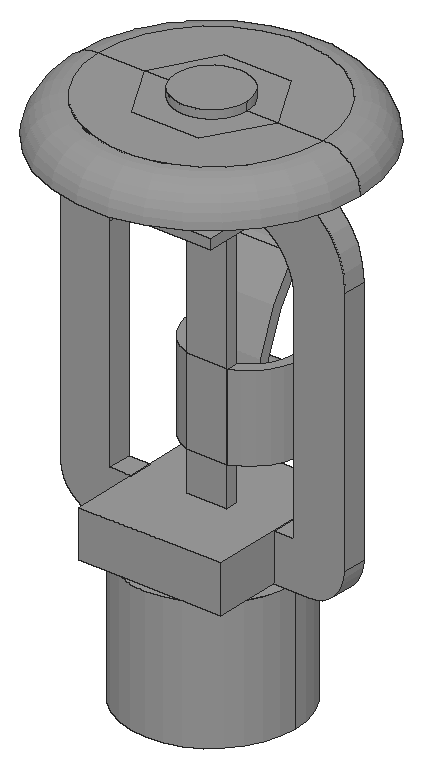
Revit family
Parameters (values of type "RASCO G UPRIGHT")
  Temperature Rating = 286 °F
  Response = (empty or 0)
  RASCO SIN # = "R1026"
  RASCO Part # = "GU3LHB"
  Pressure Rating = "175 PSI"
  Pressure Class = (empty or 0)
  Orifice Size = 17/32"
  Orifice = (empty or 0)
  Model = "G"
  Manufacturer = "RASCO"
  K-Factor = 7.96
  Description = "Brz. Finish"
  Coverage = (empty or 0)
Reference planes (in)
  plane 1 "Center (Front/Back)": y = 0
  plane 2: z = 0
  plane 3 "Center (Left/Right)": x = 0
Dimensions and locks (in)
  aligned and locked: plane 2 to level
Nested families (in)
  nested 1: "GU3LHB" at (0, 0, 0), type "RASCO G UPRIGHT"
Definition of nested family "GU3LHB"
  Parameters (values of type "RASCO G UPRIGHT")
    Type Comments = ""
    Temperature Rating = 0 °F
    Response = (empty or 0)
    Pressure Rating = "0"
    Pressure Class = (empty or 0)
    Orifice Size = 0"
    Orifice = (empty or 0)
    Model = ""
    Manufacturer = ""
    K-Factor = 0
    Description = ""
    Coverage = (empty or 0)
    Assembly Code = ""
  Reference planes (in)
    plane 1 "Center (Front/Back)": y = 0
    plane 2: z = 0
    plane 3 "ref.2": z = 0.6875
    plane 4 "ref.3": z = 0.9375
    plane 5: x = -0.38065
    plane 6: x = 0.36935
    plane 7 "ref. side 1": y = 0.06402
    plane 8 "ref. side 2": y = -0.06098
    plane 9 "ref.4": z = 1.875
    plane 10 "ref.5": z = 2.875
    plane 11 "center": x = -0.00574
  Forms (in)
    Extrusion 1, solid, material "Default"
      sketch origin (0, 0, 0) x (1, 0, 0) y (0, 1, 0)
        loop
          circle (0, 0) r 0.438
      from 0 to 0.6875
    Extrusion 2, solid, material "Default"
      sketch origin (-0.12185, 0.05177, 0.6875) x (1, 0, 0) y (0, 1, 0)
        loop
          line (-0.2588, 0.356) -> (-0.2588, -0.4565) -> (0.4912, -0.4565) -> (0.4912, 0.356) -> (-0.2588, 0.356)
      from 0 to 0.25
    Extrusion 3, solid, material "Default"
      sketch origin (0, 0, 0) x (1, 0, 0) y (0, 0, 1)
        loop
          line (-0.49248, 0.9375) -> (-0.49248, 2.10276)
          arc (-0.49248, 2.10276) -> (-0.40724, 2.30855) -> (-0.20145, 2.39379) r 0.29103
          line (-0.20145, 2.39379) -> (0.18108, 2.39379)
          arc (0.18108, 2.39379) -> (0.38905, 2.30765) -> (0.47519, 2.09969) r 0.29411
          line (0.47519, 2.09969) -> (0.47519, 0.9375) -> (0.36935, 0.9375) -> (0.36935, 0.6875) -> (0.55741, 0.6875)
          arc (0.55741, 0.6875) -> (0.69165, 0.7431) -> (0.74725, 0.87734) r 0.18984
          line (0.74725, 0.87734) -> (0.74725, 2.19113)
          arc (0.74725, 2.19113) -> (0.61669, 2.50631) -> (0.3015, 2.63687) r 0.44574
          line (0.3015, 2.63687) -> (-0.30719, 2.63687)
          arc (-0.30719, 2.63687) -> (-0.62225, 2.50637) -> (-0.75275, 2.19131) r 0.44556
          line (-0.75275, 2.19131) -> (-0.75275, 0.87876)
          arc (-0.75275, 0.87876) -> (-0.69673, 0.74352) -> (-0.56149, 0.6875) r 0.19126
          line (-0.56149, 0.6875) -> (-0.38065, 0.6875) -> (-0.38065, 0.9375) -> (-0.49248, 0.9375)
      from -0.06402 to 0.06098
    Extrusion 4, solid, material "Default"
      sketch origin (-0.00199, 0, 2.4375) x (-1, 0, 0) y (0, -1, 0)
        loop
          circle (0.00574, -0.00152) r 0.1875
      from -0.04371 to 0.4375
    Revolve 5, solid, material "Default"
      sketch origin (-0.0011, 0, 0.30638) x (1, 0, 0) y (0, 0, 1)
        loop
          line (-0.19255, 2.33367) -> (-0.19255, 2.52696) -> (-0.35809, 2.52696) -> (-0.59714, 2.52696)
          arc (-0.59714, 2.52696) -> (-0.73508, 2.47056) -> (-0.79397, 2.33367) r 0.19686
          line (-0.79397, 2.33367) -> (-0.19255, 2.33367)
        axis (-0.00574, 2.33367) -> (-0.00574, 2.52696)
      angle from 0 to 360
    Extrusion 6, solid, material "Default"
      sketch origin (0, 0, 0.9375) x (-1, 0, 0) y (0, -1, 0)
        loop
          line (-0.10175, -0.02852) -> (0.11324, -0.02852) -> (0.11324, 0.03101) -> (-0.10175, 0.03101) -> (-0.10175, -0.02852)
      from 0 to 1.45629
    Extrusion 7, solid, material "Default"
      sketch origin (-0.00574, -0.0095, -0.07537) x (0, 0, -1) y (0, -1, 0)
        loop
          line (-2.39379, 0.21198) -> (-2.39379, -0.229)
          arc (-2.39379, -0.229) -> (-2.26956, -0.41579) -> (-2.04926, -0.37342) r 0.20254
          arc (-2.04926, -0.37342) -> (-1.6599, -0.16721) -> (-1.22163, -0.12207) r 1.15319
          line (-1.22163, -0.12207) -> (-1.22163, -0.07087)
          arc (-1.22163, -0.07087) -> (-1.6782, -0.11947) -> (-2.0834, -0.33544) r 1.20419
          arc (-2.0834, -0.33544) -> (-2.24878, -0.36919) -> (-2.34279, -0.229) r 0.15154
          line (-2.34279, -0.229) -> (-2.34279, 0.21198) -> (-2.39379, 0.21198)
      from -0.17255 to 0.17398
    Extrusion 8, solid, material "Default"
      sketch origin (0, 0, 0) x (1, 0, 0) y (0, 1, 0)
        loop
          arc (0.23993, 0.23051) -> (0.19768, 0.11115) -> (0.10175, 0.02852) r 0.24647
          line (0.10175, 0.02852) -> (-0.11324, 0.02852)
          arc (-0.11324, 0.02852) -> (-0.21767, 0.12447) -> (-0.25194, 0.2621) r 0.24647
          line (-0.25194, 0.2621) -> (-0.25194, 0.40777) -> (-0.30719, 0.40777) -> (-0.30719, 0.25942)
          arc (-0.30719, 0.25942) -> (-0.25653, 0.08328) -> (-0.11324, -0.03101) r 0.30157
          line (-0.11324, -0.03101) -> (0.10175, -0.03101)
          arc (0.10175, -0.03101) -> (0.24461, 0.08262) -> (0.29574, 0.25785) r 0.30157
          line (0.29574, 0.25785) -> (0.29574, 0.40777) -> (0.23993, 0.40777) -> (0.23993, 0.23051)
      from 1.14626 to 1.59756
    Extrusion 9, solid, material "Default"
      sketch origin (-0.00574, -0.0095, -0.07537) x (0, 0, -1) y (0, -1, 0)
        loop
          circle (-1.44728, -0.26892) r 0.13147
      from -0.24568 to 0.24619
  Cuts and joins
    joined: Extrusion 1, Extrusion 2, Revolve 5
  Dimensions and locks (in)
    Revolve 5 sketch curve to Revolve 5 sketch curve = 0.78823"
    plane 10 "ref.5" to level = 2.875"
